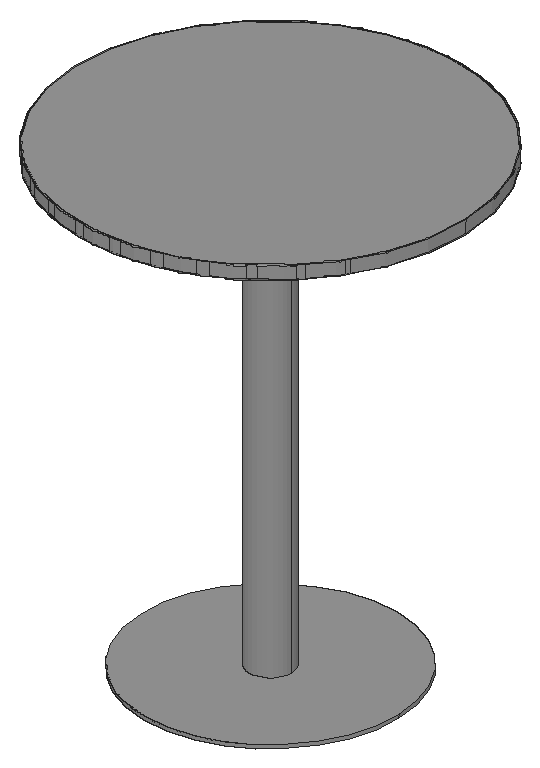
Revit family "Inklud 36in Round 42H Pedestal Base Table", category Furniture, Revit 2018
Family settings
  OmniClass Number = 23.40.20.00
  OmniClass Title = General Furniture and Specialties
  Work Plane-Based = No
  Always vertical = Yes
  Cut with Voids When Loaded = No
  Shared = No
  Room Calculation Point = No
Parameters
  Surface = Inklud 36" Round 42"H Pedestal Table Surface
  Edgeband = Inklud 36" Round 42"H Pedestal Table Edgeband
Reference planes (in)
  plane 1 "Center Front/Back": y = 0
  plane 2: z = 0
  plane 3 "Center Left/Right": x = 0
Forms (in)
  Extrusion 1, solid, material "Inklud Table Frame Platinum"
    sketch origin (0, 0, 0) x (1, 0, 0) y (0, 1, 0)
      loop
        circle (0, 0) r 2
    from 0.31496 to 41.87706
  Extrusion 2, solid, material "Inklud Table Frame Platinum"
    sketch origin (0, 0, 0) x (1, 0, 0) y (0, 1, 0)
      loop
        circle (0, 0) r 11.87315
    from 0 to 0.31496
  Extrusion 3, solid, material "Inklud Table Frame Platinum"
    sketch origin (0, 0, 14.24895) x (1, 0, 0) y (0, 1, 0)
      loop
        line (-6, 6) -> (-6, -6) -> (6, -6) -> (6, 6) -> (-6, 6)
    from 27.62811 to 27.86433
Dimensions and locks (in)
  aligned and locked: level to plane 2
Nested families (in)
  nested 1: "Inklud 36in Round Tabletop" at (0, 0, 14.45673), type "Inklud 36in Round Tabletop"
Definition of nested family "Inklud 36in Round Tabletop"
  Parameters (values of type "Inklud 36in Round Tabletop")
    Surface = none
    Edgeband = none
  Reference planes (in)
    plane 1 "Center (Front/Back)": y = 0
    plane 2: z = 0
    plane 3 "Center (Left/Right)": x = 0
  Forms (in)
    Extrusion 1, solid, material <- "Surface"
      sketch origin (0, 0, 0) x (1, 0, 0) y (0, 1, 0)
        loop
          circle (0, 0) r 18
      from 27.65655 to 28.90655
    Sweep 2, solid, material <- "Edgeband"
      path origin (0, 0, 0) x (1, 0, 0) y (0, 1, 0)
        loop
          circle (0, 0) r 18
      profile origin (0, 18, 0) x (0, -1, 0) y (0, 0, 1)
        loop
          arc (0, 28.90655) -> (-0.03536, 28.8919) -> (-0.05, 28.85655) r 0.05
          line (-0.05, 28.85655) -> (-0.05, 27.70655)
          arc (-0.05, 27.70655) -> (-0.03536, 27.67119) -> (0, 27.65655) r 0.05
          line (0, 27.65655) -> (0, 28.90655)
  Dimensions and locks (in)
    aligned and locked: plane 2 to level
